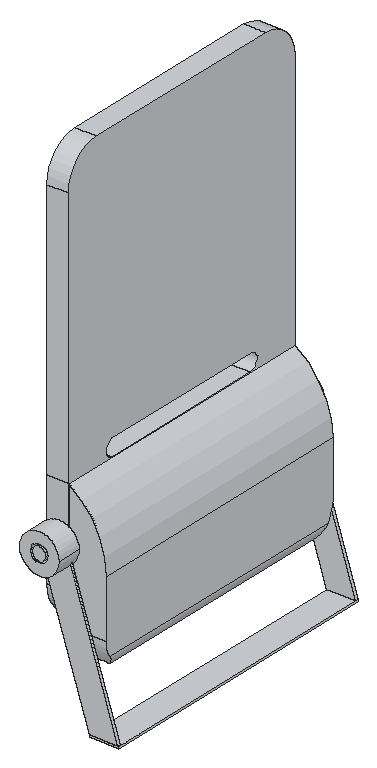
Revit family "2824010", category Generic Models, host Face, Revit 2018
Family settings
  Host = Face
  Can host rebar = No
  Round Connector Dimension = Use Diameter
  Part Type = Normal
  OmniClass Number = 23.80.70.00
  OmniClass Title = Lighting
  Cut with Voids When Loaded = No
  Shared = No
  Room Calculation Point = No
Parameters (values of type "Type Name")
  rotation axis = 142.4 mm
  bracket width = 288 mm
  URL = "http://www.sylvania-lighting.com"
  Type Image = <None>
  Type Comments = "n/a"
  Material_3_SYL = none
  Model = ""
  Manufacturer = "Feilo Sylvania"
  Keynote = ""
  Material_2_SYL = none
  Height = 157.859 mm
  Description = ""
  Default Elevation = 1219.2 mm
  Cost = 0
  Material_1_SYL = none
  Bracket Height = 195 mm
  Assembly Code = ""
  Material_4_SYL = none
Reference planes
  plane 1 "Center (Front/Back)": y = 0
  plane 2: z = 0
  plane 3 "Center (Left/Right)": x = 0
  plane 4: x = -16.5
  plane 5: x = 16.5
  plane 6: z = 155
  plane 7: x = -51.5
  plane 8: z = 137
  plane 9 "Rotation Axis": z = 142.4
  plane 10: z = 152.35
  plane 11: z = 195
  plane 12: x = -73.847
  plane 13: y = -187
  plane 14: y = 187
  plane 15: y = -160
  plane 16: y = 169
  plane 17: y = -169
  plane 18: through (-72.693, -4572, 174.07) normal (-0.3105, 0, 0.9506)
  plane 19: through (-63.557, -4572, 193.954) normal (0.9506, 0, 0.3105)
  plane 20: y = 162
  plane 21: z = 65
Forms (mm)
  Extrusion 1, solid, detail levels medium+fine
    sketch origin (0, 0, 0) x (1, 0, 0) y (0, 1, 0)
      loop
        line (-16.5, 169) -> (-16.5, -169) -> (16.5, -169) -> (16.5, 169) -> (-16.5, 169)
    from 0 to 2
  Extrusion 2, solid, detail levels medium+fine
    sketch origin (1524, -349.9, 1220.035) x (1, 0, 0) y (0, 0, 1)
      loop
        line (-1540.496, -1218.035) -> (-1507.966, -1218.035) -> (-1567.674, -1035.217)
        arc (-1567.674, -1035.217) -> (-1587.557, -1026.081) -> (-1596.693, -1045.965) r 15.473
        line (-1596.693, -1045.965) -> (-1540.496, -1218.035)
    from -180.9 to -182.9
  Extrusion 3, solid, detail levels medium+fine
    sketch origin (0, 0, 0.069) x (1, 0, 0) y (0, 0, 1)
      loop
        line (-16.39, 1.931) -> (16.139, 1.931) -> (-43.636, 184.958)
        arc (-43.636, 184.958) -> (-63.457, 193.922) -> (-72.656, 174.21) r 15.474
        line (-72.656, 174.21) -> (-16.39, 1.931)
    from -169 to -167
  Extrusion 4, solid, detail levels medium+fine
    sketch origin (-6.388, 0, 36.204) x (1, 0, 0) y (0, 0, 1)
      loop
        circle (-51.99, 142.374) r 22.5
    from -162 to -187
  Extrusion 5, solid, detail levels medium+fine
    sketch origin (-6.358, 0, 36.195) x (1, 0, 0) y (0, 0, 1)
      loop
        circle (-51.99, 142.374) r 22.5
    from 160 to 187
  Extrusion 6, void
    sketch origin (-6.256, 0, 44.074) x (1, 0, 0) y (0, 0, 1)
      loop
        circle (-52.373, 134.652) r 10
    from 169 to 187
  Extrusion 7, solid, detail levels fine
    sketch origin (-6.561, 0, 36.201) x (1, 0, 0) y (0, 0, 1)
      loop
        circle (-51.99, 142.374) r 7.5
    from 169 to 187
  Extrusion 8, void
    sketch origin (1517.357, -324.9, 1255.472) x (1, 0, 0) y (0, 0, 1)
      loop
        circle (-1575.99, -1076.826) r 10
    from -511.9 to -493.9
  Extrusion 9, solid, detail levels fine
    sketch origin (1517.42, -324.9, 1255.374) x (1, 0, 0) y (0, 0, 1)
      loop
        circle (-1575.99, -1076.826) r 7.5
    from -511.9 to -493.9
  Revolve 10, solid, not visible, detail levels coarse
    sketch origin (-58.257, 1520.223, 1254.651) x (0, 1, 0) y (0, 0, 1)
      loop
        line (-1362.428, -1054.349) -> (-1379.437, -1054.349) -> (-1379.437, -1074.349) -> (-1362.428, -1074.349) -> (-1362.428, -1054.349)
      axis (-1362.428, -1076.8) -> (-1379.437, -1076.8)
    angle from 0 to 180
Cuts and joins
  Extrusion 6 cuts Extrusion 5
  Extrusion 8 cuts Extrusion 4
Dimensions and locks
  "Bracket Height": plane 11 to level
  plane 17 to plane 16 = 338 mm
  equal spacing: plane 17, plane 1 "Center (Front/Back)", plane 16
  plane 13 to cut or joined group of Extrusion 5, Extrusion 6 = 18 mm
  aligned and locked: plane 2 to host face
  aligned and locked: level to host face
Automatic sketch dimensions
  host sketch curve to host sketch curve = 2438.4 mm  (x2)
  Extrusion 1 sketch curve to plane 4 = 0 mm
  Extrusion 1 sketch curve to plane 5 = 0 mm
  Extrusion 4 sketch curve to plane 9 "Rotation Axis" = 36.178 mm
  Extrusion 5 sketch curve to plane 9 "Rotation Axis" = 36.169 mm
  Extrusion 6 sketch curve to plane 9 "Rotation Axis" = 36.326 mm
  Extrusion 7 sketch curve to plane 9 "Rotation Axis" = 36.175 mm
  Extrusion 8 sketch curve to plane 9 "Rotation Axis" = 36.246 mm
  Extrusion 9 sketch curve to plane 9 "Rotation Axis" = 36.148 mm
  Revolve 10 sketch curve to plane 9 "Rotation Axis" = 35.451 mm
  Revolve 10 sketch curve to Revolve 10 sketch curve = 17.009 mm
  Revolve 10 sketch curve to plane 9 "Rotation Axis" = 37.902 mm
  plane 6 to Revolve 10 sketch curve = 45.302 mm
  Revolve 10 sketch curve to Revolve 10 sketch curve = 62.43 mm
  Revolve 10 sketch curve to Revolve 10 sketch curve = 22.367 mm
  plane 12 to Extrusion 2 sketch curve = 1.154 mm
  plane 7 to Extrusion 2 sketch curve = 6.684 mm
  Extrusion 2 sketch curve to plane 7 = 7.826 mm
  plane 4 to Extrusion 2 sketch curve = 0.004 mm
  level to Extrusion 2 sketch curve = 2 mm
  plane 6 to Extrusion 2 sketch curve = 19.07 mm
  Extrusion 2 sketch curve to Extrusion 2 sketch curve = 5.374 mm
  Extrusion 2 sketch curve to plane 5 = 0.466 mm
  plane 12 to Extrusion 3 sketch curve = 1.191 mm
  plane 7 to Extrusion 3 sketch curve = 6.582 mm
  Extrusion 3 sketch curve to plane 7 = 7.864 mm
  plane 4 to Extrusion 3 sketch curve = 0.11 mm
  Extrusion 3 sketch curve to plane 5 = 0.361 mm
  level to Extrusion 3 sketch curve = 2 mm
  Extrusion 3 sketch curve to Extrusion 3 sketch curve = 5.202 mm
  Extrusion 3 sketch curve to plane 11 = 9.973 mm
  plane 7 to Extrusion 6 sketch curve = 7.13 mm
  plane 7 to Extrusion 7 sketch curve = 7.051 mm
  plane 7 to Extrusion 9 sketch curve = 7.07 mm
  plane 7 to Extrusion 4 sketch curve = 6.879 mm
  plane 7 to Extrusion 5 sketch curve = 6.848 mm
  plane 7 to Extrusion 8 sketch curve = 7.133 mm
  Extrusion 1 sketch curve to plane 16 = 0 mm
  Revolve 10 sketch curve to plane 20 = 21.214 mm
  Extrusion 1 sketch curve to plane 17 = 0 mm
  radius of Extrusion 4 sketch curve = 22.5 mm
  radius of Extrusion 5 sketch curve = 22.5 mm
  radius of Extrusion 6 sketch curve = 10 mm
  radius of Extrusion 7 sketch curve = 7.5 mm
  radius of Extrusion 8 sketch curve = 10 mm
  radius of Extrusion 9 sketch curve = 7.5 mm
Nested families
  nested 1: "2824010" at (-58.257, -68.124, 317.5) x (0, 1, 0) z (1, 0, 0), type "2824010 RAIDEN IP66 12KLM 830 ASYM"
    with built-in parameter 1114216 (empty or 0)
Definition of nested family "2824010"
  Parameters (values of type "2824010 RAIDEN IP66 12KLM 830 ASYM")
    height = 60 mm
    Width = 319 mm
    Wattage Comments = "n/a"
    Wattage = 9.2903 W
    built-in parameter 1150110 = 1 (stored number, unit not read)
    URL = "0.95"
    Type Image = (empty or 0)
    Type Comments = "n/a"
    built-in parameter 1114217 = 1 (stored number, unit not read)
    Tilt Angle = -90.00°
    built-in parameter 1150109 = 1 (stored number, unit not read)
    built-in parameter 1150134 = 3
    built-in parameter 1150113 = 1 (stored number, unit not read)
    Photometric Web File = "2824010.IES"
    Material_3_SYL = none
    Model = "Raiden IP66 12KLM 830 Asymmetric Wide"
    Manufacturer = ""
    built-in parameter 1150105 = 109.82 (stored number, unit not read)
    Lumens = 1380 lm
    built-in parameter 1150115 = 1 (stored number, unit not read)
    built-in parameter 1150137 = (empty or 0)
    built-in parameter 1150139 = (empty or 0)
    Length = 511 mm
    built-in parameter 1150112 = 1 (stored number, unit not read)
    built-in parameter 1150114 = 1 (stored number, unit not read)
    Lamp = "n/a"
    Keynote = "n/a"
    Material_2_SYL = none
    built-in parameter 1150132 = (empty or 0)
    built-in parameter 1150102 = (empty or 0)
    built-in parameter 1150107 = 3200 (stored number, unit not read)
    built-in parameter 1150138 = (empty or 0)
    built-in parameter 1150106 = 1.0982 (stored number, unit not read)
    Emit from Circle Diameter = 609.6 mm
    Emit Shape Visible in Rendering = no
    built-in parameter 1150104 = 13.8 (stored number, unit not read)
    Dimming Lamp Color Temperature Shift = (empty or 0)
    Description = "Outdoor and indoor floodlight range with in house design, comes complete with 1m flying lead and adjustable bracket, aluminium housing, RAL 9022 - Pearl light grey, clear glass diffuser, IP66, IK08, Class I, 3000K, Non-dimming, 12000lm, 90W, 133lm/W, CRI80, Asymmetric Wide beam angle 110*50°, 100000 hrs L80B50 lifespan, 511x319x76mm (LxWxH) dimensions, 6.1kg weight."
    Default Elevation = 1219.2 mm
    Cost = 0
    Color Filter = 16777215
    built-in parameter 1114216 [instance] = (empty or 0)
    Material_1_SYL = none
    built-in parameter 1114218 = 1 (stored number, unit not read)
    built-in parameter 1150133 = 10 (stored number, unit not read)
    Assembly Code = "D5020200"
    Apparent Load = 90 VA
    Material_4_SYL = none
  Reference planes
    plane 1 "Center (Front/Back)": y = 2.5
    plane 2: z = 0.95
    plane 3 "Center (Left/Right)": x = 68.124
    plane 4: z = -14.05
    plane 5: z = 15.95
    plane 6: x = 227.624
    plane 7: z = 0.95
    plane 8: z = 45.95
    plane 9: x = -91.376
    plane 10: y = -253
    plane 11: y = 258
    plane 12: y = 5.117
    plane 13: y = -56
    plane 14: y = -49.461
    plane 15: x = 175.624
    plane 16: x = -39.376
    plane 17: x = 1.624
    plane 18: y = -226
    plane 19: y = 236
    plane 20: y = -76
    plane 21: y = -16
    plane 22: x = -67.376
    plane 23: y = -213
    plane 24: x = -51.376
    plane 25: x = 187.624
    plane 26: x = 227.624
    plane 27: x = 134.624
  Forms (mm)
    Extrusion 1, solid
      sketch origin (26.073, 0, 0.95) x (1, 0, 0) y (0, 1, 0)
        loop
          line (-1219.2, 1219.2) -> (-1219.2, -1219.2) -> (1219.2, -1219.2) -> (1219.2, 1219.2) -> (-1219.2, 1219.2)
      from 0 to -68.017
    Extrusion 2, solid, detail levels medium+fine
      sketch origin (83.124, -34.451, 0.95) x (1, 0, 0) y (0, 1, 0)
        loop
          line (-174.5, 253) -> (-174.5, -151.549)
          arc (-174.5, -151.549) -> (-162.784, -179.833) -> (-134.5, -191.549) r 40
          line (-134.5, -191.549) -> (104.5, -191.549)
          arc (104.5, -191.549) -> (132.784, -179.833) -> (144.5, -151.549) r 40
          line (144.5, -151.549) -> (144.5, 253)
          arc (144.5, 253) -> (132.784, 281.284) -> (104.5, 293) r 40
          line (104.5, 293) -> (-134.5, 293)
          arc (-134.5, 293) -> (-162.784, 281.284) -> (-174.5, 253) r 40
      from -15 to 9.702
    Extrusion 3, solid, detail levels medium+fine
      sketch origin (402.124, 1489.549, 1205.15) x (0, 1, 0) y (0, 0, 1)
        loop
          line (-1644.468, -1151.519) -> (-1728.014, -1151.519)
          arc (-1728.014, -1151.519) -> (-1739.904, -1157.404) -> (-1742.436, -1170.427) r 14.954
          line (-1742.436, -1170.427) -> (-1715.549, -1219.2) -> (-1565.549, -1219.2) -> (-1565.549, -1194.2)
          arc (-1565.549, -1194.2) -> (-1599.607, -1162.873) -> (-1644.468, -1151.519) r 94.303
      from -493.5 to -174.5
    Extrusion 4, void
      sketch origin (81.72, -11.578, 0.95) x (1, 0, 0) y (0, 1, 0)
        loop
          arc (-149.096, 10.578) -> (-144.703, -0.029) -> (-134.096, -4.422) r 15
          line (-134.096, -4.422) -> (106.904, -4.422)
          arc (106.904, -4.422) -> (117.51, -0.029) -> (121.904, 10.578) r 15
          line (121.904, 10.578) -> (121.904, 232.578)
          arc (121.904, 232.578) -> (117.51, 243.184) -> (106.904, 247.578) r 15
          line (106.904, 247.578) -> (-134.096, 247.578)
          arc (-134.096, 247.578) -> (-144.703, 243.184) -> (-149.096, 232.578) r 15
          line (-149.096, 232.578) -> (-149.096, 10.578)
      from -16.268 to -10.594
    Extrusion 5, solid, detail levels fine
      sketch origin (83.124, 0.218, 0.95) x (1, 0, 0) y (0, 1, 0)
        loop
          arc (-135.5, 235.782) -> (-146.107, 231.388) -> (-150.5, 220.782) r 15
          line (-150.5, 220.782) -> (-150.5, -1.218)
          arc (-150.5, -1.218) -> (-146.107, -11.825) -> (-135.5, -16.218) r 15
          line (-135.5, -16.218) -> (105.5, -16.218)
          arc (105.5, -16.218) -> (116.107, -11.825) -> (120.5, -1.218) r 15
          line (120.5, -1.218) -> (120.5, 220.782)
          arc (120.5, 220.782) -> (116.107, 231.388) -> (105.5, 235.782) r 15
          line (105.5, 235.782) -> (-135.5, 235.782)
      from -12.231 to -10.594
    Extrusion 6, void
      sketch origin (59.01, -67.578, 0.95) x (1, 0, 0) y (0, 1, 0)
        loop
          arc (106.512, -8.423) -> (116.512, 1.577) -> (106.512, 11.577) r 10
          line (106.512, 11.577) -> (-88.339, 11.577)
          arc (-88.339, 11.577) -> (-98.339, 1.577) -> (-88.339, -8.423) r 10
          line (-88.339, -8.423) -> (106.512, -8.423)
      from -18.734 to 12.525
    Extrusion 7, void
      sketch origin (68.124, -34.451, 0) x (0, 1, 0) y (0, 0, 1)
        loop
          line (-253.049, 15.95) -> (-253.049, -34.125) -> (-191.549, -30.902) -> (-191.549, 15.95) -> (-253.049, 15.95)
      from 66.5 to 210.265
    Extrusion 8, void
      sketch origin (68.124, -34.451, 0) x (0, 1, 0) y (0, 0, 1)
        loop
          line (-191.549, 15.95) -> (-275.432, 15.95) -> (-275.432, -28.004) -> (-191.549, -28.004) -> (-191.549, 15.95)
      from -190.34 to -66.5
    Extrusion 9, void
      sketch origin (23.624, -126, 0.95) x (1, 0, 0) y (0, 1, 0)
        loop
          line (-115, -60) -> (-115, -100) -> (-75, -100)
          arc (-75, -100) -> (-103.284, -88.284) -> (-115, -60) r 40
      from -22.043 to 15
    Extrusion 10, void
      sketch origin (91.954, 19.065, 0.95) x (1, 0, 0) y (0, 1, 0)
        loop
          line (95.67, -245.065) -> (135.67, -245.065) -> (135.67, -205.065)
          arc (135.67, -205.065) -> (123.954, -233.349) -> (95.67, -245.065) r 40
      from -24.354 to 15
    Extrusion 11, solid, detail levels medium+fine
      sketch origin (1607.216, -359.351, 1205.129) x (1, 0, 0) y (0, 0, 1)
        loop
          circle (-1419.5, -1204.2) r 11
      from -136.15 to -106.464
    Extrusion 12, void
      sketch origin (0, 0, 0.95) x (1, 0, 0) y (0, 1, 0)
        loop
          line (-91.376, -186) -> (-91.376, -226) -> (-51.376, -226)
          arc (-51.376, -226) -> (-79.66, -214.284) -> (-91.376, -186) r 40
      from 0 to 12.525
    Extrusion 13, void
      sketch origin (0, 0, 0.95) x (1, 0, 0) y (0, 1, 0)
        loop
          line (-91.376, -221) -> (-91.376, -261) -> (-51.376, -261)
          arc (-51.376, -261) -> (-79.66, -249.284) -> (-91.376, -221) r 40
      from 0 to 100
    Extrusion 14, void
      sketch origin (0, 0, 0.95) x (1, 0, 0) y (0, 1, 0)
        loop
          arc (227.624, -215.988) -> (215.905, -244.281) -> (187.612, -256) r 40.012
          line (187.612, -256) -> (227.624, -256) -> (227.624, -215.988)
      from 12.525 to 100
    Extrusion 15, solid, detail levels coarse
      sketch origin (0, 0, 0.95) x (1, 0, 0) y (0, 1, 0)
        loop
          line (-91.376, 258.549) -> (-91.376, -252.887) -> (227.624, -252.887) -> (227.624, 258.549) -> (-91.376, 258.549)
      from -15 to 52.681
  Cuts and joins
    Extrusion 4, Extrusion 6, Extrusion 7, Extrusion 8, Extrusion 9, Extrusion 10, Extrusion 12 cuts Extrusion 2
    Extrusion 6, Extrusion 7, Extrusion 8, Extrusion 9, Extrusion 10, Extrusion 12, Extrusion 13, Extrusion 14 cuts Extrusion 3
    Extrusion 14 cuts Extrusion 11
  Dimensions and locks
    "height": plane 4 to plane 8
    "Width": plane 9 to plane 6
    equal spacing: plane 9, plane 3 "Center (Left/Right)", plane 6
    equal spacing: plane 11, plane 1 "Center (Front/Back)", plane 10
    "Length": plane 11 to plane 10
    aligned and locked: plane 2 to Extrusion 1
    aligned and locked: level to Extrusion 1
  Automatic sketch dimensions
    Extrusion 1 sketch curve to Extrusion 1 sketch curve = 2438.4 mm  (x2)
    Extrusion 4 sketch curve to plane 3 "Center (Left/Right)" = 135.5 mm
    Extrusion 4 sketch curve to Extrusion 4 sketch curve = 15 mm  (x3)
    plane 1 "Center (Front/Back)" to Extrusion 4 sketch curve = 18.5 mm
    Extrusion 4 sketch curve to Extrusion 4 sketch curve = 222 mm
    Extrusion 5 sketch curve to plane 3 "Center (Left/Right)" = 135.5 mm
    Extrusion 5 sketch curve to Extrusion 5 sketch curve = 15 mm  (x2)
    plane 1 "Center (Front/Back)" to Extrusion 5 sketch curve = 18.5 mm
    Extrusion 5 sketch curve to Extrusion 5 sketch curve = 222 mm
    Extrusion 7 sketch curve to plane 5 = 0 mm
    Extrusion 7 sketch curve to plane 4 = 16.852 mm
    Extrusion 7 sketch curve to plane 4 = 20.075 mm
    Extrusion 8 sketch curve to plane 5 = 0 mm
    Extrusion 8 sketch curve to plane 4 = 13.954 mm
    Extrusion 8 sketch curve to Extrusion 8 sketch curve = 83.883 mm
    Extrusion 9 sketch curve to plane 3 "Center (Left/Right)" = 159.5 mm
    Extrusion 9 sketch curve to Extrusion 9 sketch curve = 40 mm
    Extrusion 10 sketch curve to plane 6 = 0 mm
    Extrusion 11 sketch curve to level = 0.021 mm
    Extrusion 4 sketch curve to plane 6 = 39 mm  (x2)
    Extrusion 5 sketch curve to plane 6 = 39 mm  (x2)
    Extrusion 5 sketch curve to plane 6 = 24 mm
    Extrusion 10 sketch curve to Extrusion 10 sketch curve = 40 mm
    Extrusion 11 sketch curve to plane 6 = 39.908 mm
    Extrusion 2 sketch curve to plane 9 = 0 mm
    Extrusion 2 sketch curve to plane 6 = 0 mm
    plane 10 to Extrusion 2 sketch curve = 27 mm
    plane 9 to Extrusion 2 sketch curve = 40 mm  (x2)
    Extrusion 2 sketch curve to plane 11 = 39.451 mm  (x2)
    Extrusion 2 sketch curve to plane 6 = 40 mm
    Extrusion 12 sketch curve to plane 9 = 0 mm
    Extrusion 12 sketch curve to plane 18 = 0 mm
    plane 22 to Extrusion 12 sketch curve = 16 mm
    Extrusion 13 sketch curve to plane 9 = 0 mm
    Extrusion 13 sketch curve to plane 24 = 0 mm
    Extrusion 13 sketch curve to plane 23 = 8 mm
    Extrusion 13 sketch curve to plane 10 = 8 mm
    Extrusion 14 sketch curve to plane 25 = 0.012 mm
    Extrusion 14 sketch curve to plane 6 = 0 mm
    Extrusion 14 sketch curve to plane 23 = 2.988 mm
    Extrusion 14 sketch curve to plane 10 = 3 mm
    Extrusion 7 sketch curve to plane 18 = 0 mm
    Extrusion 7 sketch curve to plane 10 = 34.5 mm
    Extrusion 8 sketch curve to plane 18 = 0 mm
    Extrusion 9 sketch curve to plane 18 = 0 mm
    Extrusion 10 sketch curve to plane 18 = 0 mm
    Extrusion 6 sketch curve to plane 13 = 0.001 mm
    Extrusion 6 sketch curve to plane 20 = 0.001 mm
    plane 16 to Extrusion 6 sketch curve = 10.047 mm
    Extrusion 6 sketch curve to plane 15 = 10.102 mm
    Extrusion 3 sketch curve to plane 4 = 0 mm
    Extrusion 3 sketch curve to plane 18 = 0 mm
    Extrusion 3 sketch curve to plane 20 = 0 mm
    plane 10 to Extrusion 3 sketch curve = 14.535 mm
    plane 10 to Extrusion 3 sketch curve = 0.113 mm
    Extrusion 3 sketch curve to plane 4 = 26.622 mm
    Extrusion 3 sketch curve to plane 8 = 11.227 mm
    Extrusion 3 sketch curve to plane 8 = 7.273 mm
    Extrusion 3 sketch curve to plane 5 = 5 mm
    Extrusion 15 sketch curve to plane 9 = 0 mm
    Extrusion 15 sketch curve to plane 6 = 0 mm
    plane 11 to Extrusion 15 sketch curve = 0.549 mm
    plane 10 to Extrusion 15 sketch curve = 0.113 mm
    radius of Extrusion 11 sketch curve = 11 mm
  Connectors
    electrical at (187.716, -252.887, 0.929)
      settings: on Extrusion 11, index 1, voltage 0 V, apparent load 0 VA, apparent load phase1 0 VA, apparent load phase2 0 VA, apparent load phase3 0 VA, power factor 1, load classification none, number of poles 1, system type 31, power factor state 1, is connector primary yes, connector utility no, sub classification motor no, connector description ""
